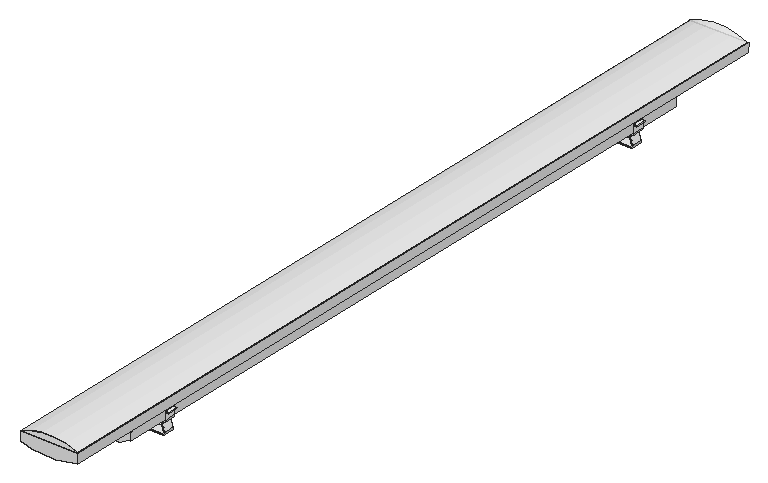
Revit family "Lighting-Industriale-GEWISS-SMART[3]PLUS-HLO-PLAFONIERA-LED-EMERGENZA_OPALE_1600mm", category Apparecchi per illuminazione, host Superficie, Revit 2019
Family settings
  Host = Superficie
  Quota connettore circolare = Usa diametro
  Tipo di parte = Normale
  Numero OmniClass = 23.80.70.11
  Titolo OmniClass = Luminaries for Internal Lighting
  Taglio con vuoti quando caricato = No
  Sorgente d'illuminazione = No
  Condiviso = No
  Punto di calcolo locali = No
Parameters (values of type "GWS3325BP957 - SMART3 PLUS 1600 EMERG DT1+DT6 HO OPAL 9 57")
  Versione file RFA = "20.0"
  URL = "https://www.gewiss.com/it/it"
  Tipologia sorgente luminosa = "LED - Non sostituibile"
  Tipologia = ""
  Tipo alimentatore = ""
  Tensione = "220-240 V "
  Temperatura di utilizzo = "ND"
  Temperatura di funzionamento = "ND"
  Temperatura di colore: = "5700 K (CRI > 90)"
  Temperatura di colore = "5700 K (CRI > 90)"
  Struttura = GEWISS - SMART 3 - GRIGIO
  Stampa 1_200 = no
  Stampa 1_100 = not(Stampa 1_200)  # yes
  Spostamento_Y_etichetta [instance] = 0 mm
  Spostamento_Y_effettivo_etichetta [instance] = 1500 mm - Spostamento_Y_etichetta  # 1500 mm
  Spostamento_X_etichetta [instance] = 0 mm
  Spostamento_X_effettivo_etichetta [instance] = 1500 mm - Spostamento_X_etichetta  # 1500 mm
  Schermo. = Gewiss - Led Acceso
  Schermo = "Opale"
  Scheda Tecnica = "https://www.gewiss.com/it/it/search?q=GWS3325BP957"
  SEO = "Plafoniera"
  Resistenza agli urti = "IK08"
  Default Elevation = 1219.2 mm
  Produttore = "GEWISS S.p.A."
  Potenza di sistema = "50 W"
  Peso (kg): = ""
  NÂ° LED (#) = ""
  Modello = "GWS3325BP957"
  Lunghezza Lampada = 1600 mm  # constant formula
  Lunghezza = "1600 mm"
  Lumen output (lm) = "6600"
  Lampada: = "LED"
  Lampada = "LED"
  LED LifeTime (L80B20) = ""
  LED Life time (L90B50) = ""
  LED Life time (L80B50) = ""
  LED Life time (L70) = ""
  Immagine tipo = GWS3158P.jpg
  IFC.TypeObject = ""
  IFC.ExportType = ""
  IFC.ExportAs = ""
  IDT = "42ad88ef-a339-4291-a014-784caecbcb9b"
  IDF = "02c8b766-df71-47cb-9ea1-76a434de284a"
  Grado di protezione = "IP66/IP69"
  Glow Wire Test = "850°C"
  Garanzia = "ND"
  Ganci = GEWISS  - ALLUMINIO
  Flusso nominale (lm) = ""
  Failure rate apparecchio (50.000h, Tq=25Â° C) = ""
  Failure rate apparecchio (35.000h, Tq=35Â° C) = ""
  Descrizione = "SMART3 PLUS 1600 EMERG DT1+DT6 HO OPAL 9 57"
  Creato da GEWISS S.p.A. = ""
  Commenti sul wattaggio = "27W"
  Codice Electrocod = "2434"
  Codice EAN = ""
  Classe isolamento = "II"
  Classe di efficienza LED integrati = "A ÷ A++"
  Catalogo Serie = "SMART[3] PLUS HLO"
  Catalogo = "LIGHTING"
  Carico apparente = 27 VA
  COBie.Tagnumber = ""
  COBie.CreatedOn = ""
  COBie.CreatebBy = ""
  COBie.ComponentRegisterItemID = ""
  COBie.Component.TagNumber = ""
  COBie.Component.Space = ""
  COBie.Component.SerialNumber = ""
  COBie.Component.InstallationDate = ""
  COBie.Component.Description = ""
  COBie.Component.BarCode = ""
  Applicazione = "Interno"
  Apparecchio a ridotta temperatura superficiale = ""
Types (7, lengths in mm): name | Temperatura di colore: | Temperatura di colore | Scheda Tecnica | Modello | Lumen output (lm) | IDT | Descrizione | Commenti sul wattaggio | Carico apparente
  (no name) | "5700 K (CRI > 90)" | "5700 K (CRI > 90)" | "https://www.gewiss.com/it/it/search?q=GWS3325BP957" | "GWS3325BP957" | "6600" | "42ad88ef-a339-4291-a014-784caecbcb9b" | "SMART3 PLUS 1600 EMERG DT1+DT6 HO OPAL 9 57" | "27W" | 27 VA
  GWS3325BP830 - SMART3 PLUS 1600 EMERG DT1+DT6 HO OPAL 8 30 | "3000 K (CRI > 80)" | "3000 K (CRI > 80)" | "https://www.gewiss.com/it/it/search?q=GWS3325BP830" | "GWS3325BP830" | "7900" | "339985e0-b822-4fc1-bd39-3a9ba3dc322a" | "SMART3 PLUS 1600 EMERG DT1+DT6 HO OPAL 8 30" | "26W" | 26 VA
  GWS3325BP840 - SMART3 PLUS 1600 EMERG DT1+DT6 HO OPAL 8 40 | "4000 K (CRI > 80)" | "4000 K (CRI > 80)" | "https://www.gewiss.com/it/it/search?q=GWS3325BP840" | "GWS3325BP840" | "8300" | "fd61bd19-e6df-4b30-b7b4-20fb4d0d4b06" | "SMART3 PLUS 1600 EMERG DT1+DT6 HO OPAL 8 40" | "26W" | 26 VA
  GWS3325BP857 - SMART3 PLUS 1600 EMERG DT1+DT6 HO OPAL 8 57 | "5700 K (CRI > 80)" | "5700 K (CRI > 80)" | "https://www.gewiss.com/it/it/search?q=GWS3325BP857" | "GWS3325BP857" | "8300" | "1830227d-dbd8-442a-852b-36f5249ab64d" | "SMART3 PLUS 1600 EMERG DT1+DT6 HO OPAL 8 57" | "26W" | 26 VA
  GWS3325BP930 - SMART3 PLUS 1600 EMERG DT1+DT6 HO OPAL 9 30 | "3000 K (CRI > 90)" | "3000 K (CRI > 90)" | "https://www.gewiss.com/it/it/search?q=GWS3325BP930" | "GWS3325BP930" | "6100" | "b7504d7d-15eb-4489-ba0f-eb5153cddadb" | "SMART3 PLUS 1600 EMERG DT1+DT6 HO OPAL 9 30" | "27W" | 27 VA
  GWS3325BP940 - SMART3 PLUS 1600 EMERG DT1+DT6 HO OPAL 9 40 | "4000 K (CRI > 90)" | "4000 K (CRI > 90)" | "https://www.gewiss.com/it/it/search?q=GWS3325BP940" | "GWS3325BP940" | "6600" | "17d4a051-7261-422f-827e-8dd64029943a" | "SMART3 PLUS 1600 EMERG DT1+DT6 HO OPAL 9 40" | "27W" | 27 VA
  GWS3325BP957 - SMART3 PLUS 1600 EMERG DT1+DT6 HO OPAL 9 57 | "5700 K (CRI > 90)" | "5700 K (CRI > 90)" | "https://www.gewiss.com/it/it/search?q=GWS3325BP957" | "GWS3325BP957" | "6600" | "42ad88ef-a339-4291-a014-784caecbcb9b" | "SMART3 PLUS 1600 EMERG DT1+DT6 HO OPAL 9 57" | "27W" | 27 VA
Reference planes
  plane 1 "Centro (Fronte/Retro)": y = 0
  plane 2: z = 0
  plane 3 "Centro (Sinistra/Destra)": x = 0
  plane 4: x = -1500
  plane 5: y = -1500
  plane 6: x = 0
  plane 7: y = 0
Forms (mm)
  Extrusion 1, solid, material "GEWISS  - ALLUMINIO" <- "Ganci", detail levels medium+fine
    sketch origin (0, 0, 0) x (1, 0, 0) y (0, 0, 1)
      loop
        arc (31.431, -0.002) -> (34.576, 1.589) -> (35.156, 5.066) r 3.903
        line (35.156, 5.066) -> (29.612, 23.211)
        arc (29.612, 23.211) -> (29.883, 24.381) -> (31.032, 24.73) r 1.2
        line (31.032, 24.73) -> (34.307, 23.974)
        arc (34.307, 23.974) -> (36.765, 24.53) -> (37.859, 26.8) r 2.9
        line (37.859, 26.8) -> (37.859, 38.8)
        arc (37.859, 38.8) -> (37.648, 39.694) -> (37.059, 40.4) r 2
        line (37.059, 40.4) -> (37.059, 42.71) -> (42.861, 40.598) -> (43.203, 41.538) -> (37.53, 43.603)
        arc (37.53, 43.603) -> (37.019, 43.613) -> (36.605, 43.311) r 0.8
        line (36.605, 43.311) -> (36.306, 26.139)
        arc (36.306, 26.139) -> (35.6, 25.444) -> (34.616, 25.34) r 1.5
        line (34.616, 25.34) -> (31.344, 26.095)
        arc (31.344, 26.095) -> (28.858, 25.335) -> (28.273, 22.802) r 2.6
        line (28.273, 22.802) -> (33.827, 4.636)
        arc (33.827, 4.636) -> (33.449, 2.415) -> (31.438, 1.4) r 2.5
        line (31.438, 1.4) -> (-31.437, 1.4)
        arc (-31.437, 1.4) -> (-33.449, 2.415) -> (-33.827, 4.636) r 2.5
        line (-33.827, 4.636) -> (-28.273, 22.802)
        arc (-28.273, 22.802) -> (-28.858, 25.335) -> (-31.344, 26.095) r 2.6
        line (-31.344, 26.095) -> (-34.616, 25.34)
        arc (-34.616, 25.34) -> (-35.6, 25.444) -> (-36.306, 26.139) r 1.5
        line (-36.306, 26.139) -> (-36.605, 43.311)
        arc (-36.605, 43.311) -> (-37.019, 43.613) -> (-37.53, 43.603) r 0.8
        line (-37.53, 43.603) -> (-43.203, 41.538) -> (-42.861, 40.598) -> (-37.059, 42.71) -> (-37.059, 40.4)
        arc (-37.059, 40.4) -> (-37.648, 39.694) -> (-37.859, 38.8) r 2
        line (-37.859, 38.8) -> (-37.859, 26.8)
        arc (-37.859, 26.8) -> (-36.765, 24.53) -> (-34.307, 23.974) r 2.9
        line (-34.307, 23.974) -> (-31.032, 24.73)
        arc (-31.032, 24.73) -> (-29.883, 24.381) -> (-29.612, 23.211) r 1.2
        line (-29.612, 23.211) -> (-35.156, 5.066)
        arc (-35.156, 5.066) -> (-34.576, 1.589) -> (-31.431, -0.002) r 3.903
        line (-31.431, -0.002) -> (31.431, -0.002)
    from 548.766 to 568.766
  Extrusion 2, solid, material "GEWISS  - ALLUMINIO" <- "Ganci", detail levels medium+fine
    sketch origin (0, 0, 0) x (1, 0, 0) y (0, 0, -1)
      loop
        line (31.431, 0.002) -> (-31.431, 0.002)
        arc (-31.431, 0.002) -> (-34.576, -1.589) -> (-35.156, -5.066) r 3.903
        line (-35.156, -5.066) -> (-29.612, -23.211)
        arc (-29.612, -23.211) -> (-29.883, -24.381) -> (-31.032, -24.73) r 1.2
        line (-31.032, -24.73) -> (-34.307, -23.974)
        arc (-34.307, -23.974) -> (-36.765, -24.53) -> (-37.859, -26.8) r 2.9
        line (-37.859, -26.8) -> (-37.859, -38.8)
        arc (-37.859, -38.8) -> (-37.648, -39.694) -> (-37.059, -40.4) r 2
        line (-37.059, -40.4) -> (-37.059, -42.71) -> (-42.861, -40.598) -> (-43.203, -41.538) -> (-37.53, -43.603)
        arc (-37.53, -43.603) -> (-37.019, -43.613) -> (-36.605, -43.311) r 0.8
        line (-36.605, -43.311) -> (-36.306, -26.139)
        arc (-36.306, -26.139) -> (-35.6, -25.444) -> (-34.616, -25.34) r 1.5
        line (-34.616, -25.34) -> (-31.344, -26.095)
        arc (-31.344, -26.095) -> (-28.858, -25.335) -> (-28.273, -22.802) r 2.6
        line (-28.273, -22.802) -> (-33.827, -4.636)
        arc (-33.827, -4.636) -> (-33.449, -2.415) -> (-31.437, -1.4) r 2.5
        line (-31.437, -1.4) -> (31.438, -1.4)
        arc (31.438, -1.4) -> (33.449, -2.415) -> (33.827, -4.636) r 2.5
        line (33.827, -4.636) -> (28.273, -22.802)
        arc (28.273, -22.802) -> (28.858, -25.335) -> (31.344, -26.095) r 2.6
        line (31.344, -26.095) -> (34.616, -25.34)
        arc (34.616, -25.34) -> (35.6, -25.444) -> (36.306, -26.139) r 1.5
        line (36.306, -26.139) -> (36.605, -43.311)
        arc (36.605, -43.311) -> (37.019, -43.613) -> (37.53, -43.603) r 0.8
        line (37.53, -43.603) -> (43.203, -41.538) -> (42.861, -40.598) -> (37.059, -42.71) -> (37.059, -40.4)
        arc (37.059, -40.4) -> (37.648, -39.694) -> (37.859, -38.8) r 2
        line (37.859, -38.8) -> (37.859, -26.8)
        arc (37.859, -26.8) -> (36.765, -24.53) -> (34.307, -23.974) r 2.9
        line (34.307, -23.974) -> (31.032, -24.73)
        arc (31.032, -24.73) -> (29.883, -24.381) -> (29.612, -23.211) r 1.2
        line (29.612, -23.211) -> (35.156, -5.066)
        arc (35.156, -5.066) -> (34.576, -1.589) -> (31.431, 0.002) r 3.903
    from 548.766 to 568.766
  Extrusion 3, solid, material "GEWISS - SMART 3 - GRIGIO" <- "Struttura", detail levels medium+fine
    sketch origin (0, 0, 0) x (1, 0, 0) y (0, 0, 1)
      loop
        line (-36.331, 55.757) -> (-35.847, 28.018)
        arc (-35.847, 28.018) -> (-33.139, 27.27) -> (-30.416, 26.58) r 129.5
        arc (-30.416, 26.58) -> (-28.066, 25.76) -> (-25.915, 24.506) r 13
        arc (-25.915, 24.506) -> (-24.23, 23.324) -> (-22.521, 22.178) r 99.5
        arc (-22.521, 22.178) -> (-16.401, 19.063) -> (-9.748, 17.365) r 31.146
        line (-9.748, 17.365) -> (12.491, 17.365)
        arc (12.491, 17.365) -> (17.822, 19.098) -> (22.764, 21.745) r 31.646
        arc (22.764, 21.745) -> (24.509, 22.915) -> (26.228, 24.122) r 100
        arc (26.228, 24.122) -> (28.283, 25.313) -> (30.525, 26.095) r 12.5
        arc (30.525, 26.095) -> (33.437, 26.834) -> (36.332, 27.64) r 130
        line (36.332, 27.64) -> (36.824, 55.851)
        arc (36.824, 55.851) -> (24.914, 53.937) -> (12.909, 52.764) r 195.047
        line (12.909, 52.764) -> (-12.909, 52.764)
        arc (-12.909, 52.764) -> (-24.665, 53.905) -> (-36.331, 55.757) r 195.047
    from -650 to 650
  Extrusion 4, solid, material "GEWISS - SMART 3 - GRIGIO" <- "Struttura", detail levels medium+fine
    sketch origin (0, 0, 0) x (1, 0, 0) y (0, 0, 1)
      loop
        line (54.725, 60.184) -> (55.177, 77.445) -> (-55.177, 77.445) -> (-54.725, 60.184)
        arc (-54.725, 60.184) -> (-34.019, 55.332) -> (-12.909, 52.764) r 195.047
        line (-12.909, 52.764) -> (12.909, 52.764)
        arc (12.909, 52.764) -> (34.019, 55.332) -> (54.725, 60.184) r 195.047
    from -800 to 800
  Extrusion 5, solid, material "Gewiss - Led Acceso" <- "Schermo.", detail levels medium+fine
    sketch origin (0, 0, 0) x (1, 0, 0) y (0, 0, 1)
      loop
        arc (54.697, 78.441) -> (-0.014, 90.457) -> (-54.723, 78.429) r 130.5
        arc (-54.723, 78.429) -> (-54.988, 77.838) -> (-54.5, 77.445) r 0.5
        line (-54.5, 77.445) -> (54.479, 77.445)
        arc (54.479, 77.445) -> (54.988, 77.855) -> (54.697, 78.441) r 0.522
    from -800 to 800
  Extrusion 6, solid, material "GEWISS - SMART 3 - GRIGIO" <- "Struttura", detail levels coarse
    sketch origin (0, 0, 0) x (1, 0, 0) y (0, 0, 1)
      loop
        line (-54.5, 90.439) -> (-54.5, 0) -> (54.5, 0) -> (54.5, 90.439) -> (-54.5, 90.439)
    from -800 to 800
Lines and regions (mm)
  Masking region 1
    outline origin (0, 0, 0) x (1, 0, 0) y (0, 1, 0)
      loop
        line (-55.177, 800) -> (-55.177, -800) -> (55.177, -800) -> (55.177, 800) -> (-55.177, 800)
  symbolic lines, style "GEWISS - LIGHT 2D"
    curve 1: line (0, 528.766, 0) -> (0, -511.234, 0)
Dimensions and locks
  plane 4 to plane 3 "Centro (Sinistra/Destra)" = 1500 mm
  "Spostamento_X_effettivo_etichetta": plane 4 to plane 6
  "Spostamento_Y_effettivo_etichetta": plane 7 to plane 5
  plane 1 "Centro (Fronte/Retro)" to plane 5 = 1500 mm
  aligned and locked: plane 2 to host face
  aligned and locked: level to host face
  aligned and locked: Masking region 1 sketch curve to Extrusion 4  (x4)
  aligned and locked: plane 6 to nested 1
  aligned and locked: nested 1 to plane 7
  aligned and locked: curve 1 to plane 3 "Centro (Sinistra/Destra)"
Automatic sketch dimensions
  host sketch curve to host sketch curve = 2438.4 mm  (x2)
  Extrusion 1 sketch curve to Extrusion 1 sketch curve = 0 mm  (x28)
  Extrusion 1 sketch curve to plane 3 "Centro (Sinistra/Destra)" = 43.203 mm
  level to Extrusion 1 sketch curve = 40.598 mm
  Extrusion 1 sketch curve to Extrusion 1 sketch curve = 0.342 mm  (x2)
  Extrusion 1 sketch curve to Extrusion 1 sketch curve = 5.002 mm  (x2)
  Extrusion 1 sketch curve to Extrusion 1 sketch curve = 0.329 mm
  Extrusion 1 sketch curve to Extrusion 1 sketch curve = 0.271 mm  (x2)
  Extrusion 1 sketch curve to Extrusion 1 sketch curve = 0.8 mm  (x2)
  Extrusion 1 sketch curve to Extrusion 1 sketch curve = 0.454 mm  (x2)
  Extrusion 1 sketch curve to Extrusion 1 sketch curve = 1.554 mm
  Extrusion 1 sketch curve to Extrusion 1 sketch curve = 2 mm
  level to Extrusion 1 sketch curve = 5.066 mm  (x2)
  Extrusion 1 sketch curve to Extrusion 1 sketch curve = 1.15 mm
  Extrusion 1 sketch curve to Extrusion 1 sketch curve = 1.346 mm  (x2)
  Extrusion 1 sketch curve to Extrusion 1 sketch curve = 0.343 mm  (x2)
  level to Extrusion 1 sketch curve = 4.636 mm  (x2)
  Extrusion 1 sketch curve to Extrusion 1 sketch curve = 1.329 mm  (x2)
  level to Extrusion 1 sketch curve = 1.4 mm
  Extrusion 1 sketch curve to Extrusion 1 sketch curve = 2.389 mm  (x2)
  Extrusion 1 sketch curve to Extrusion 1 sketch curve = 0.007 mm  (x2)
  Extrusion 1 sketch curve to Extrusion 1 sketch curve = 3.584 mm  (x2)
  Extrusion 1 sketch curve to Extrusion 1 sketch curve = 0.273 mm  (x2)
  plane 3 "Centro (Sinistra/Destra)" to Extrusion 1 sketch curve = 30.759 mm
  Extrusion 1 sketch curve to level = 0.002 mm
  Extrusion 1 sketch curve to Extrusion 1 sketch curve = 0.672 mm
  Extrusion 1 sketch curve to Extrusion 1 sketch curve = 0.9 mm
  level to Extrusion 1 sketch curve = 26.139 mm
  Extrusion 1 sketch curve to Extrusion 1 sketch curve = 0.746 mm
  Extrusion 1 sketch curve to Extrusion 1 sketch curve = 0.2 mm
  Extrusion 1 sketch curve to Extrusion 1 sketch curve = 2.577 mm
  Extrusion 1 sketch curve to Extrusion 1 sketch curve = 18.496 mm
  Extrusion 1 sketch curve to Extrusion 1 sketch curve = 1.169 mm  (x2)
  Extrusion 1 sketch curve to Extrusion 1 sketch curve = 0.799 mm  (x2)
  Extrusion 1 sketch curve to Extrusion 1 sketch curve = 0.609 mm
  Extrusion 1 sketch curve to Extrusion 1 sketch curve = 1.798 mm  (x2)
  Extrusion 1 sketch curve to Extrusion 1 sketch curve = 12 mm
  Extrusion 1 sketch curve to Extrusion 1 sketch curve = 0.94 mm  (x2)
  Extrusion 1 sketch curve to Extrusion 1 sketch curve = 0.14 mm  (x2)
  Extrusion 1 sketch curve to Extrusion 1 sketch curve = 0.309 mm  (x2)
  Extrusion 1 sketch curve to Extrusion 1 sketch curve = 0.312 mm  (x2)
  Extrusion 1 sketch curve to Extrusion 1 sketch curve = 1.148 mm  (x2)
  Extrusion 1 sketch curve to Extrusion 1 sketch curve = 1.339 mm
  Extrusion 1 sketch curve to Extrusion 1 sketch curve = 2.486 mm
  Extrusion 1 sketch curve to Extrusion 1 sketch curve = 0.409 mm  (x2)
  Extrusion 2 sketch curve to Extrusion 2 sketch curve = 0 mm  (x28)
  Extrusion 2 sketch curve to plane 3 "Centro (Sinistra/Destra)" = 43.203 mm
  level to Extrusion 2 sketch curve = 40.598 mm
  Extrusion 2 sketch curve to Extrusion 2 sketch curve = 0.342 mm  (x2)
  Extrusion 2 sketch curve to Extrusion 2 sketch curve = 5.002 mm  (x2)
  Extrusion 2 sketch curve to Extrusion 2 sketch curve = 0.329 mm
  Extrusion 2 sketch curve to Extrusion 2 sketch curve = 0.271 mm  (x2)
  Extrusion 2 sketch curve to Extrusion 2 sketch curve = 0.8 mm  (x2)
  Extrusion 2 sketch curve to Extrusion 2 sketch curve = 0.454 mm  (x2)
  Extrusion 2 sketch curve to Extrusion 2 sketch curve = 1.554 mm
  Extrusion 2 sketch curve to Extrusion 2 sketch curve = 2 mm
  level to Extrusion 2 sketch curve = 5.066 mm  (x2)
  Extrusion 2 sketch curve to Extrusion 2 sketch curve = 1.15 mm
  Extrusion 2 sketch curve to Extrusion 2 sketch curve = 1.346 mm  (x2)
  Extrusion 2 sketch curve to Extrusion 2 sketch curve = 0.343 mm  (x2)
  level to Extrusion 2 sketch curve = 4.636 mm  (x2)
  Extrusion 2 sketch curve to Extrusion 2 sketch curve = 1.329 mm  (x2)
  level to Extrusion 2 sketch curve = 1.4 mm
  Extrusion 2 sketch curve to Extrusion 2 sketch curve = 2.389 mm  (x2)
  Extrusion 2 sketch curve to Extrusion 2 sketch curve = 0.007 mm  (x2)
  Extrusion 2 sketch curve to Extrusion 2 sketch curve = 3.584 mm  (x2)
  Extrusion 2 sketch curve to Extrusion 2 sketch curve = 0.273 mm  (x2)
  plane 3 "Centro (Sinistra/Destra)" to Extrusion 2 sketch curve = 30.759 mm
  Extrusion 2 sketch curve to level = 0.002 mm
  Extrusion 2 sketch curve to Extrusion 2 sketch curve = 0.672 mm
  Extrusion 2 sketch curve to Extrusion 2 sketch curve = 0.9 mm
  level to Extrusion 2 sketch curve = 26.139 mm
  Extrusion 2 sketch curve to Extrusion 2 sketch curve = 0.746 mm
  Extrusion 2 sketch curve to Extrusion 2 sketch curve = 0.2 mm
  Extrusion 2 sketch curve to Extrusion 2 sketch curve = 14.46 mm
  Extrusion 2 sketch curve to Extrusion 2 sketch curve = 0.94 mm  (x2)
  Extrusion 2 sketch curve to Extrusion 2 sketch curve = 0.14 mm  (x2)
  Extrusion 2 sketch curve to Extrusion 2 sketch curve = 2.31 mm  (x2)
  Extrusion 2 sketch curve to Extrusion 2 sketch curve = 12 mm
  Extrusion 2 sketch curve to Extrusion 2 sketch curve = 0.661 mm  (x2)
  Extrusion 2 sketch curve to Extrusion 2 sketch curve = 0.609 mm  (x2)
  Extrusion 2 sketch curve to Extrusion 2 sketch curve = 1.169 mm  (x2)
  Extrusion 2 sketch curve to Extrusion 2 sketch curve = 0.309 mm  (x2)
  Extrusion 2 sketch curve to Extrusion 2 sketch curve = 0.312 mm  (x2)
  Extrusion 2 sketch curve to Extrusion 2 sketch curve = 1.148 mm  (x2)
  Extrusion 2 sketch curve to Extrusion 2 sketch curve = 1.339 mm
  Extrusion 2 sketch curve to Extrusion 2 sketch curve = 2.486 mm
  Extrusion 2 sketch curve to Extrusion 2 sketch curve = 1.365 mm  (x2)
  Extrusion 3 sketch curve to plane 3 "Centro (Sinistra/Destra)" = 36.331 mm
  Extrusion 3 sketch curve to Extrusion 3 sketch curve = 0.484 mm
  Extrusion 3 sketch curve to Extrusion 3 sketch curve = 2.34 mm
  Extrusion 3 sketch curve to plane 3 "Centro (Sinistra/Destra)" = 32.068 mm
  Extrusion 3 sketch curve to plane 3 "Centro (Sinistra/Destra)" = 12.909 mm
  Extrusion 3 sketch curve to plane 3 "Centro (Sinistra/Destra)" = 9.748 mm
  Extrusion 3 sketch curve to plane 3 "Centro (Sinistra/Destra)" = 5.421 mm
  Extrusion 3 sketch curve to plane 3 "Centro (Sinistra/Destra)" = 0.057 mm
  Extrusion 3 sketch curve to plane 3 "Centro (Sinistra/Destra)" = 0.007 mm
  Extrusion 3 sketch curve to plane 3 "Centro (Sinistra/Destra)" = 0.001 mm
  plane 3 "Centro (Sinistra/Destra)" to Extrusion 3 sketch curve = 0.057 mm
  plane 3 "Centro (Sinistra/Destra)" to Extrusion 3 sketch curve = 5.412 mm
  plane 3 "Centro (Sinistra/Destra)" to Extrusion 3 sketch curve = 12.491 mm
  Extrusion 3 sketch curve to Extrusion 3 sketch curve = 7.496 mm
  plane 3 "Centro (Sinistra/Destra)" to Extrusion 3 sketch curve = 32.059 mm
  Extrusion 3 sketch curve to Extrusion 3 sketch curve = 21.008 mm
  Extrusion 3 sketch curve to Extrusion 3 sketch curve = 2.833 mm
  Extrusion 3 sketch curve to Extrusion 3 sketch curve = 23.916 mm
  level to Extrusion 3 sketch curve = 13.953 mm  (x2)
  level to Extrusion 3 sketch curve = 17.365 mm  (x2)
  Extrusion 3 sketch curve to Extrusion 3 sketch curve = 13.687 mm
  Extrusion 3 sketch curve to Extrusion 3 sketch curve = 14.064 mm
  Extrusion 3 sketch curve to Extrusion 3 sketch curve = 30.844 mm
  Extrusion 3 sketch curve to Extrusion 3 sketch curve = 0 mm  (x3)
  Extrusion 3 sketch curve to Extrusion 3 sketch curve = 4.555 mm
  Extrusion 3 sketch curve to Extrusion 3 sketch curve = 2.993 mm
  Extrusion 3 sketch curve to Extrusion 3 sketch curve = 3.087 mm
  Extrusion 3 sketch curve to Extrusion 3 sketch curve = 49.52 mm
  Extrusion 3 sketch curve to Extrusion 3 sketch curve = 49.615 mm
  Extrusion 3 sketch curve to Extrusion 3 sketch curve = 47.089 mm
  Extrusion 3 sketch curve to Extrusion 3 sketch curve = 5.431 mm
  Extrusion 3 sketch curve to Extrusion 3 sketch curve = 4.5 mm
  Extrusion 3 sketch curve to Extrusion 3 sketch curve = 10.273 mm
  Extrusion 3 sketch curve to Extrusion 3 sketch curve = 3.465 mm
  Extrusion 3 sketch curve to Extrusion 3 sketch curve = 4.297 mm
  Extrusion 4 sketch curve to plane 3 "Centro (Sinistra/Destra)" = 55.177 mm
  Extrusion 4 sketch curve to Extrusion 4 sketch curve = 0.452 mm  (x2)
  Extrusion 4 sketch curve to plane 3 "Centro (Sinistra/Destra)" = 12.909 mm
  Extrusion 4 sketch curve to plane 3 "Centro (Sinistra/Destra)" = 0.057 mm
  plane 3 "Centro (Sinistra/Destra)" to Extrusion 4 sketch curve = 0.057 mm
  plane 3 "Centro (Sinistra/Destra)" to Extrusion 4 sketch curve = 12.909 mm
  Extrusion 4 sketch curve to Extrusion 4 sketch curve = 41.816 mm
  level to Extrusion 4 sketch curve = 52.764 mm
  Extrusion 4 sketch curve to Extrusion 4 sketch curve = 7.42 mm  (x2)
  Extrusion 4 sketch curve to Extrusion 4 sketch curve = 17.262 mm
  Extrusion 5 sketch curve to plane 3 "Centro (Sinistra/Destra)" = 0 mm
  Extrusion 5 sketch curve to plane 3 "Centro (Sinistra/Destra)" = 54.5 mm
  plane 3 "Centro (Sinistra/Destra)" to Extrusion 5 sketch curve = 54.479 mm
  Extrusion 5 sketch curve to level = 40.043 mm
  level to Extrusion 5 sketch curve = 77.445 mm
  Extrusion 5 sketch curve to Extrusion 5 sketch curve = 0.5 mm
  Extrusion 5 sketch curve to Extrusion 5 sketch curve = 0.522 mm
  Extrusion 5 sketch curve to Extrusion 5 sketch curve = 0.21 mm
  Extrusion 5 sketch curve to Extrusion 5 sketch curve = 0.014 mm
  Extrusion 5 sketch curve to Extrusion 5 sketch curve = 0 mm
  Extrusion 6 sketch curve to level = 0 mm
  Extrusion 6 sketch curve to plane 3 "Centro (Sinistra/Destra)" = 54.5 mm
  plane 3 "Centro (Sinistra/Destra)" to Extrusion 6 sketch curve = 54.5 mm
  Extrusion 6 sketch curve to Extrusion 6 sketch curve = 90.439 mm
  plane 1 "Centro (Fronte/Retro)" to curve 1 = 511.234 mm
  curve 1 to plane 1 "Centro (Fronte/Retro)" = 528.766 mm
Nested families
  nested 1: "ETICHETTA WATTAGGIO" at (0, 0, 0), type "ETICHETTA WATTAGGIO"
Connectors
  electrical at (0, 0, 0), driven by "Carico apparente"
    settings: on Masking region 1, index 1, voltage 230 V, apparent load 0 VA, apparent load phase1 27 VA, apparent load phase2 0 VA, apparent load phase3 0 VA, power factor 1, load classification "Illuminazione", number of poles 2, system type 31, power factor state 1, is connector primary yes, connector utility no, sub classification motor no, connector description ""
Definition of nested family "ETICHETTA WATTAGGIO"
  Parameters (values of type "ETICHETTA WATTAGGIO")
    GW - Potenza di sistema = ""
    GW - Numero LED = ""
    COMMENTI = "13W"
    1_200 = no
    1_100 = yes
  Reference planes
    plane 1: y = 0
    plane 2: x = 0
  Text (mm)
    label "GW - Potenza di sistema\nGW - Numero LED LED" at (-0.057, -0.214, 0), shows "GW - Potenza di sistema", "GW - Numero LED", visible <- "1_100"
    label "GW - Potenza di sistema\nGW - Numero LED LED " at (-0.057, -0.214, 0), shows "GW - Potenza di sistema", "GW - Numero LED", visible <- "1_200"
